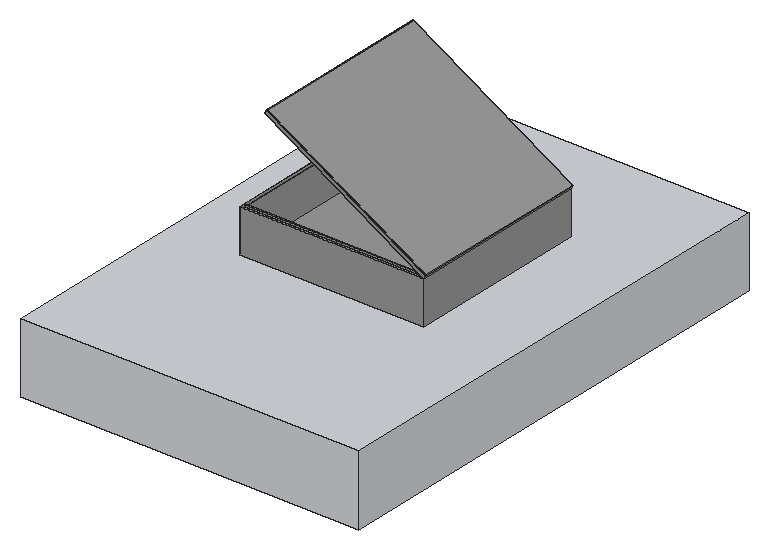
Revit family "Hager-Univers-IP54-D205-H800-Cl.I-Encl-CH-it", category Equipement électrique, Revit 2020
Family settings
  Hôte = Face
  Configuration du panneau = Deux colonnes, circuits au sein
  Cote de connecteur circulaire = Utiliser le diamètre
  Type d'élément = Tableau de raccordement
  Couper avec des vides une fois chargée = Non
  Partagée = Non
  Point de calcul de pièce = Non
Parameters (values of type "A parete IP54 L800 A800 P205  - FP53TW2")
  Width Control [instance] = if([EF000008 - Larghezza] > Min Width, [EF000008 - Larghezza], Min Width)  # 800 mm
  Commentaires du type = [HG000003 - Gamma]  # "Univers"
  Thickness Door [instance] = if([EF009171 - spessore materiale porta/coperchio] > 3 mm, 3 mm, [EF009171 - spessore materiale porta/coperchio])  # 1 mm
  Seal Frame Offset [instance] = 17 mm  # constant formula
  Plinth Visibility [instance] = [HG000027 - Altezza dello zoccolo] > 0 mm  # no
  Model = ""
  Min Width [instance] = 100 mm  # constant formula
  Min Height [instance] = 100 mm  # constant formula
  Min Depth [instance] = (2 * [EF009170 - spessore materiale scatola]) + 1 mm  # 3 mm
  Internal Frame Depth [instance] = (Door System Depth * 0.5)  # 9 mm
  Height Control [instance] = if([EF000040 - Altezza] > Min Height, [EF000040 - Altezza], Min Height)  # 800 mm
  HG000027 - Altezza dello zoccolo = 0 mm
  HG000026 - A pavimento = no
  HG000024 - Altezza della sezione inferiore = 800 mm
  HG000023 - Custodia a doppia sezione = no
  HG000016 - Visibilità delle porte nella vista 3D [instance] = yes
  HG000015 - Visibilità attraverso la porta [instance] = no
  HG000014 - Porta destra [instance] = yes
  HG000013 - Porta sinistra [instance] = not([HG000014 - Porta destra])  # no
  HG000012 - Angolo di apertura della porta [instance] = 30.00°
  HG000010 - Porte asimmetriche = no
  HG000009 - Porta doppia a battente = no
  HG000006 - Ad incasso = no
  HG000004 - Codice produttore = "FP53TW2"
  HG000003 - Gamma = "Univers"
  HG000002 - Con porta = yes
  Frame Offset Bottom [instance] = 10 mm  # constant formula
  Frame Offset [instance] = 15 mm  # constant formula
  EF015940 - Coprire con rilascio di sovrapressione = no
  EF011959 - tipo di protezione (NEMA) = ""
  EF009554 - numero delle aperture per la piastra della flangia = 6
  Fabricant = "Hager"  # constant formula
  EF009212 - esecuzione coperchio = "EV000116 - chiuso"
  EF009171 - spessore materiale porta/coperchio = 1 mm
  EF009170 - spessore materiale scatola = 1 mm
  EF008873 - corrente nominale (In) = 250 A
  EF007800 - adatto per parafulmine = no
  EF006306 - con serratura = no
  EF006244 - coperchio/porta trasparente = no
  EF005474 - grado di protezione (IP) = "EV006419 - IP54"
  EF004464 - tipo di porta = "EV002646 - singolo"
  EF004427 - numero di moduli = 180
  EF004293 - resistenza agli urti = "EV006815 - IK09"
  EF003532 - adatto per uso esterno = no
  EF002950 - Numero moduli DIN = 36
  EF001613 - Integrità del circuito = "EV000494 - senza"
  EF001596 - Attacco Lampada = "EV000179 - acciaio"
  EF001131 - profondità interna = 205 mm
  EF001088 - possibilità di applicazione = yes
  EF000437 - numero di ingressi per conduttori = 6
  EF000339 - tipo di copertura = "EV001012 - coperchio"
  EF000266 - numero di file = 5
  EF000218 - profondità di incasso = 205 mm
  EF000118 - con piastra di montaggio = no
  EF000116 - numero RAL = "9010"
  EF000049 - profondità = 205 mm
  EF000040 - Altezza = 800 mm
  EF000008 - Larghezza = 800 mm
  EF000007 - colore = "EV000202 - bianco"
  EF000003 - Tipo di montaggio = "EV000384 - A parete"
  Door System Leaf Tolerance [instance] = 1.5 mm  # constant formula
  Door System Depth [instance] = 18 mm  # constant formula
  Door Height [instance] = Height Control - [HG000027 - Altezza dello zoccolo]  # 800 mm
  Depth Control [instance] = if([EF000049 - profondità] > Min Depth, [EF000049 - profondità], Min Depth)  # 205 mm
  Default Elevation = 0 mm
  Connector Offset [instance] = Height Control / 2  # 400 mm
  Bottom Top Plate Trim [instance] = 1.5 mm  # constant formula
  Plinth height Ctrl [instance] = if([HG000027 - Altezza dello zoccolo] > 0 mm, [HG000027 - Altezza dello zoccolo], 12 mm)  # 12 mm
Types (5, lengths in mm): name | Width Control | HG000004 - Codice produttore | EF009554 - numero delle aperture per la piastra della flangia | EF004464 - tipo di porta | EF004427 - numero di moduli | EF002950 - Numero moduli DIN | EF000437 - numero di ingressi per conduttori | EF000008 - Larghezza
  A parete IP54 L1050 A800 P205  - FP54TW2 | 1050 | "FP54TW2" | 8 | "EV003602 - doppio" | 240 | 48 | 8 | 1050
  A parete IP54 L1300 A800 P205  - FP55TW2 | 1300 | "FP55TW2" | 10 | "EV003602 - doppio" | 300 | 60 | 10 | 1300
  A parete IP54 L300 A800 P205  - FP51TW2 | 300 | "FP51TW2" | 2 | "EV002646 - singolo" | 60 | 12 | 2 | 300
  A parete IP54 L550 A800 P205  - FP52TW2 | 550 | "FP52TW2" | 4 | "EV002646 - singolo" | 120 | 24 | 4 | 550
  A parete IP54 L800 A800 P205  - FP53TW2 | 800 | "FP53TW2" | 6 | "EV002646 - singolo" | 180 | 36 | 6 | 800
Reference planes
  plane 1 "Center (Front/Back)": y = 0
  plane 2: z = 0
  plane 3 "Center (Left/Right)": x = 0
  plane 4: z = 205
  plane 5: y = 1
  plane 6: y = 400
  plane 7: y = 0
  plane 8: y = 800
  plane 9: z = 0
  plane 10: x = -385
  plane 11: x = 385
  plane 12: x = 384
  plane 13: x = -384
  plane 14: y = 799
  plane 15: x = -383
  plane 16: x = -400
  plane 17: x = 383
  plane 18: x = 400
  plane 19: x = 399
  plane 20: x = -399
  plane 21: y = 11
  plane 22: y = 800
  plane 23: y = 784
  plane 24: z = 187
  plane 25: z = 1
  plane 26: z = 186
  plane 27: z = 204
Forms (mm)
  Extrusion 1, solid
    sketch origin (0, 0, 0) x (1, 0, 0) y (0, 1, 0)
      loop
        line (-702.964, 1305) -> (-702.964, -811.445) -> (766.763, -811.445) -> (766.763, 1305) -> (-702.964, 1305)
    from 0 to -304.8
  Extrusion 2, solid, material "Hager_Steel_RAL7035_Light_Grey", visible <- "Plinth Visibility", detail levels medium+fine
    sketch origin (0, 0, 0) x (1, 0, 0) y (0, 1, 0)
      loop
        line (-400, 0) -> (400, 0) -> (400, 12) -> (-400, 12) -> (-400, 0)
    from 0 to 187
  Extrusion 3, solid, material "Hager_Steel_RAL7035_Light_Grey", detail levels medium+fine
    sketch origin (0, 0, 0) x (1, 0, 0) y (0, 1, 0)
      loop
        line (-400, 0) -> (400, 0) -> (400, 800) -> (-400, 800) -> (-400, 0)
    from 0 to 187
  Extrusion 4, void
    sketch origin (0, 0, 0) x (1, 0, 0) y (0, 1, 0)
      loop
        line (-399, 1) -> (399, 1) -> (399, 799) -> (-399, 799) -> (-399, 1)
    from 1 to 186
  Extrusion 5, void
    sketch origin (-381.607, -4572, 187) x (0, -1, 0) y (-1, 0, 0)
      loop
        line (-4583, 2.393) -> (-5356, 2.393) -> (-5356, -765.607) -> (-4583, -765.607) -> (-4583, 2.393)
    from 0 to 1 <- "EF009170 - spessore materiale scatola"
  Extrusion 6, solid, material "Hager_Steel_RAL7035_Light_Grey", detail levels fine
    sketch origin (0, 0, 187) x (1, 0, 0) y (0, 1, 0)
      loop
        line (-384, 784) -> (-384, 11) -> (384, 11) -> (384, 784) -> (-384, 784)
      loop
        line (-385, 10) -> (385, 10) -> (385, 785) -> (-385, 785) -> (-385, 10)
    from 0 to 9 <- "Internal Frame Depth"
  Extrusion 7, solid, material "Hager_Steel_RAL7035_Light_Grey", detail levels coarse
    sketch origin (0, 0, 0) x (1, 0, 0) y (0, 1, 0)
      loop
        line (-400, 0) -> (400, 0) -> (400, 800) -> (-400, 800) -> (-400, 0)
    from 0 to 205
  Sweep 8, void
    path in 3D
      loop
        line (-400, 12, 0) -> (400, 12, 0) -> (400, 12, 187) -> (-400, 12, 187) -> (-400, 12, 0)
    profile origin (-400, 12, 93.5) x (-1, 0, 0) y (0, -1, 0)
      loop
        line (0, 0) -> (0, 1.5) -> (-1.5, 1.5)
        arc (-1.5, 1.5) -> (-1.061, 0.439) -> (0, 0) r 1.5
Cuts and joins
  Extrusion 4, Extrusion 5 cuts Extrusion 3
  Sweep 8 cuts Extrusion 2
Lines and regions (mm)
  Masking region 1
    outline origin (0, 0, 0) x (1, 0, 0) y (0, 0, 1)
      loop
        line (-400, 205) -> (-400, 0) -> (400, 0) -> (400, 205) -> (-400, 205)
  Masking region 2, detail levels medium+fine
    outline origin (0, 140, 0) x (0, 1, 0) y (0, 0, 1)
      loop
        line (-140, 0) -> (660, 0) -> (660, 187) -> (-140, 187) -> (-140, 0)
  Masking region 3, not visible, detail levels medium+fine
    outline origin (0, 297.922, 0) x (0, 1, 0) y (0, 0, 1)
      loop
        line (113.578, 0) -> (153.578, 0) -> (153.578, 194)
        arc (153.578, 194) -> (150.649, 201.071) -> (143.578, 204) r 10
        line (143.578, 204) -> (113.578, 204) -> (113.578, 0)
  Masking region 4, detail levels coarse
    outline origin (0, 0, 180) x (0, 1, 0) y (0, 0, 1)
      loop
        line (0, -180) -> (800, -180) -> (800, 25) -> (0, 25) -> (0, -180)
  Masking region 5, visible <- "Plinth Visibility", detail levels medium+fine
    outline origin (0, 52.24, 12.345) x (0, 0, -1) y (0, 1, 0)
      loop
        line (10.845, -40.24) -> (-173.155, -40.24)
        arc (-173.155, -40.24) -> (-173.594, -41.301) -> (-174.655, -41.74) r 1.5
        line (-174.655, -41.74) -> (-174.655, -52.24) -> (12.345, -52.24) -> (12.345, -41.74)
        arc (12.345, -41.74) -> (11.285, -41.301) -> (10.845, -40.24) r 1.5
  Masking region 6, detail levels medium+fine
    outline origin (-381.607, -4572, 187) x (-1, 0, 0) y (0, -1, 0)
      loop
        line (18.393, -5372) -> (18.393, -4572) -> (-781.607, -4572) -> (-781.607, -5372) -> (18.393, -5372)
  Masking region 7, visible <- "Plinth Visibility", detail levels medium+fine
    outline origin (-381.607, -4727, 187) x (-1, 0, 0) y (0, -1, 0)
      loop
        arc (16.893, -4739) -> (17.332, -4737.939) -> (18.393, -4737.5) r 1.5
        line (18.393, -4737.5) -> (18.393, -4727) -> (-781.607, -4727) -> (-781.607, -4737.5)
        arc (-781.607, -4737.5) -> (-780.546, -4737.939) -> (-780.107, -4739) r 1.5
        line (-780.107, -4739) -> (16.893, -4739)
  Masking region 8, detail levels coarse
    outline origin (-442.548, -4669.526, 187) x (-1, 0, 0) y (0, -1, 0)
      loop
        line (-42.548, -5469.526) -> (-42.548, -4669.526) -> (-842.548, -4669.526) -> (-842.548, -5469.526) -> (-42.548, -5469.526)
  sketch lines
    curve 1: line (-400, 12, 187) -> (-400, 12, 0)
    curve 2: line (400, 12, 187) -> (-400, 12, 187)
    curve 3: line (400, 12, 187) -> (400, 12, 0)
    curve 4: line (-400, 12, 0) -> (400, 12, 0)
Dimensions and locks
  "Depth Control": plane 4 to Extrusion 1
  "HG000027 - Altezza dello zoccolo": plane 1 "Center (Front/Back)" to plane 7
  "EF009170 - spessore materiale scatola": plane 5 to plane 7
  locked: connector elem to plane 3 "Center (Left/Right)"
  equal spacing: plane 8, plane 6, plane 7
  locked: connector elem to plane 6
  "EF009170 - spessore materiale scatola": plane 8 to plane 14
  "EF009170 - spessore materiale scatola": plane 10 to plane 13
  "EF009170 - spessore materiale scatola": plane 12 to plane 11
  "Frame Offset": plane 20 to plane 13
  "Frame Offset": plane 12 to plane 19
  "EF009170 - spessore materiale scatola": plane 16 to plane 20
  "EF009170 - spessore materiale scatola": plane 19 to plane 18
  "Seal Frame Offset": plane 16 to plane 15
  "Seal Frame Offset": plane 17 to plane 18
  "Frame Offset Bottom": plane 21 to plane 5
  "Frame Offset": plane 14 to plane 23
  equal spacing: plane 16, plane 3 "Center (Left/Right)", plane 18
  "Width Control": plane 16 to plane 18
  "EF009170 - spessore materiale scatola": plane 4 to plane 27
  "EF009170 - spessore materiale scatola": plane 24 to plane 26
  "EF009170 - spessore materiale scatola": plane 25 to level
  "Door System Depth": plane 4 to plane 24
  "Height Control": plane 1 "Center (Front/Back)" to Extrusion 7 sketch curve
  "Height Control": Masking region 4 sketch curve to plane 1 "Center (Front/Back)"
  "Height Control": plane 1 "Center (Front/Back)" to plane 22
  "Bottom Top Plate Trim": profile plane to Sweep 8 sketch curve
  "Bottom Top Plate Trim": Sweep 8 sketch curve to profile plane
  "Plinth height Ctrl": plane 1 "Center (Front/Back)" to Extrusion 2 sketch curve
  "Plinth height Ctrl": Masking region 5 sketch curve to plane 1 "Center (Front/Back)"
  "Plinth height Ctrl": plane 1 "Center (Front/Back)" to Masking region 7 sketch curve
  "Thickness Door": Extrusion 6 sketch curve to Extrusion 6 sketch curve  (x3)
  "Thickness Door": cut or joined group of Extrusion 3, Extrusion 4, Extrusion 5 to Extrusion 6 sketch curve
  radius of Masking region 3 sketch curve = 10 mm
  "Bottom Top Plate Trim": radius of Masking region 5 sketch curve  (x2)
  "Bottom Top Plate Trim": radius of Sweep 8 sketch curve
  "Bottom Top Plate Trim": radius of Masking region 7 sketch curve  (x2)
  aligned and locked: plane 2 to Extrusion 1
  aligned and locked: level to Extrusion 1
  aligned and locked: level to Masking region 1 sketch curve
  aligned and locked: Masking region 1 sketch curve to plane 18
  aligned and locked: Masking region 1 sketch curve to plane 16
  aligned and locked: plane 7 to Masking region 2 sketch curve
  aligned and locked: level to Masking region 3 sketch curve
  aligned and locked: Masking region 3 sketch curve to plane 27
  aligned and locked: level to Masking region 2 sketch curve
  aligned and locked: plane 1 "Center (Front/Back)" to Extrusion 2 sketch curve
  aligned and locked: Extrusion 3 sketch curve to plane 7
  aligned and locked: plane 16 to Extrusion 3 sketch curve
  aligned and locked: plane 18 to Extrusion 3 sketch curve
  aligned and locked: plane 20 to Extrusion 4 sketch curve
  aligned and locked: plane 19 to Extrusion 4 sketch curve
  aligned and locked: Extrusion 4 sketch curve to plane 5
  aligned and locked: Extrusion 4 to plane 25
  aligned and locked: plane 26 to Extrusion 4
  aligned and locked: plane 24 to Extrusion 3
  aligned and locked: Extrusion 5 sketch curve to plane 21
  aligned and locked: Extrusion 5 sketch curve to plane 13
  aligned and locked: Extrusion 5 sketch curve to plane 12
  aligned and locked: plane 18 to Extrusion 7 sketch curve
  aligned and locked: plane 1 "Center (Front/Back)" to Extrusion 7 sketch curve
  aligned and locked: plane 16 to Extrusion 7 sketch curve
  aligned and locked: plane 4 to Extrusion 7
  aligned and locked: Extrusion 7 to level
  aligned and locked: level to Masking region 4 sketch curve
  aligned and locked: Masking region 4 sketch curve to plane 1 "Center (Front/Back)"
  aligned and locked: Masking region 4 sketch curve to plane 4
  aligned and locked: nested 1 to level
  aligned and locked: nested 1 to plane 16
  aligned and locked: plane 8 to Extrusion 3 sketch curve
  aligned and locked: plane 23 to Extrusion 5 sketch curve
  aligned and locked: plane 14 to Extrusion 4 sketch curve
  aligned and locked: Masking region 2 sketch curve to plane 8
  aligned and locked: level to Masking region 5 sketch curve
  aligned and locked: plane 16 to Extrusion 2 sketch curve
  aligned and locked: plane 18 to Extrusion 2 sketch curve
  aligned and locked: Masking region 5 sketch curve to plane 24
  aligned and locked: Masking region 2 sketch curve to plane 24
  aligned and locked: plane 24 to Extrusion 2
  aligned and locked: profile plane to Sweep 8 sketch curve  (x2)
  aligned and locked: Masking region 6 sketch curve to plane 18
  aligned and locked: Masking region 6 sketch curve to plane 22
  aligned and locked: Masking region 6 sketch curve to plane 16
  aligned and locked: plane 8 to plane 22
  aligned and locked: Masking region 6 sketch curve to plane 7
  aligned and locked: Masking region 7 sketch curve to plane 16
  aligned and locked: Masking region 7 sketch curve to plane 1 "Center (Front/Back)"
  aligned and locked: Masking region 7 sketch curve to plane 18
  aligned and locked: Masking region 8 sketch curve to plane 1 "Center (Front/Back)"
  aligned and locked: Masking region 8 sketch curve to plane 18
  aligned and locked: Masking region 8 sketch curve to plane 22
  aligned and locked: Masking region 8 sketch curve to plane 16
  aligned and locked: nested 2 to plane 7
  aligned and locked: plane 3 "Center (Left/Right)" to nested 2
  aligned and locked: nested 2 to plane 24
  aligned and locked: Extrusion 6 sketch curve to cut or joined group of Extrusion 3, Extrusion 4, Extrusion 5  (x4)
Automatic sketch dimensions
  Extrusion 1 sketch curve to Extrusion 1 sketch curve = 1469.727 mm
  Extrusion 1 sketch curve to Extrusion 1 sketch curve = 2116.445 mm
  Masking region 1 sketch curve to plane 4 = 0 mm
  plane 6 to Masking region 3 sketch curve = 11.5 mm
  Masking region 3 sketch curve to Masking region 3 sketch curve = 30 mm
  Masking region 5 sketch curve to plane 1 "Center (Front/Back)" = 0 mm
Nested families
  nested 1: "Hager_Enclosure_Symbol" at (-400, 0, 0) x (1, 0, 0) z (0, -1, 0), Height <- "Depth Control", Width <- "Width Control", type "Hager_Enclosure_Symbol"
    with Width_Ctrl 800 mm, Width 800 mm, Height_Ctrl 205 mm, Height 205 mm, A_Width_Int 13.453 mm, A_Width 161.438 mm, A_Height_Ctrl 179.375 mm, A_Height 179.375 mm
  nested 2: "EC000058_Univers_Door" at (0, 0, 187) x (1, 0, 0) z (0, 1, 0), Leaf_Tolerance <- "Door System Leaf Tolerance", Angle <- "HG000012 - Angolo di apertura della porta", Door_Depth <- "Door System Depth", Door_Left <- "HG000013 - Porta sinistra", Transparent <- "EF006244 - coperchio/porta trasparente", Assymetrical <- "HG000010 - Porte asimmetriche", Width <- "Width Control", Clearance <- "HG000015 - Visibilità attraverso la porta", Double <- "HG000009 - Porta doppia a battente", 3d_Door <- "HG000016 - Visibilità delle porte nella vista 3D", Lock_Visibility <- "EF006306 - con serratura", Width_Ctrl <- "Width Control", Door_Right <- "HG000014 - Porta destra", Door <- "HG000002 - Con porta", Height <- "Door Height", Thickness <- "Thickness Door", type "EC000058_Univers_Door", detail levels medium+fine
    with min_wh 3 mm, Width_Ctrl 800 mm, Width 800 mm, Transparent no, Thickness 1 mm, Seal_Material Hager_Rubber, Lock_Visibility no, Lock_Material Hager_Plastic_RAL9005_Jet_Black, Leaf_Width 800 mm, Leaf_Tolerance_External_Sides 0 mm, Leaf_Tolerance 1.5 mm, Leaf_Offset 0 mm, Leaf_Height 797 mm, Leaf_2_Width 800 mm, Leaf_2_Offset 400 mm, Leaf_1_Width 800 mm, Leaf_1_Offset 400 mm, Height_Ctrl 800 mm, Height 800 mm, Glass_Material Hager_Glass, Double_Clearance_Ctrl no, Double no, Door_Right_Ctrl yes, Door_Right yes, Door_Material Hager_Steel_RAL7035_Light_Grey, Door_Left_Ctrl no, Door_Left no, Door_Depth 18 mm, Door yes, Clearance_Material Hager_Clearance, Clearance_Depth 800 mm, Clearance_Ctrl no, Clearance no, Assymetrical no, Angle 30.00°, 3d_Door yes
Connectors
  electrical at (0, 400, 0)
    settings: on plane 9, index 1, voltage 0 V, apparent load 0 VA, apparent load phase1 0 VA, apparent load phase2 0 VA, apparent load phase3 0 VA, power factor 1, load classification "Other", number of poles 1, system type 30, power factor state 1, is connector primary yes, connector utility no, sub classification motor no, connector description ""
Definition of nested family "EC000058_Univers_Door"
  Parameters (values of type "EC000058_Univers_Door")
    min_wh [instance] = (2 * Thickness) + 1 mm  # 11 mm
    Width_Ctrl [instance] = 400 mm
    Width [instance] = 500 mm
    Transparent [instance] = yes
    Thickness [instance] = 5 mm
    Seal_Material [instance] = none
    Lock_Visibility [instance] = yes
    Lock_Material [instance] = none
    Leaf_Width [instance] = if((Width_Ctrl - 2 * Leaf_Tolerance_External_Sides) > 0 mm, (Width_Ctrl - 2 * Leaf_Tolerance_External_Sides), min_wh)  # 400 mm
    Leaf_Tolerance_External_Sides [instance] = 0 mm  # constant formula
    Leaf_Tolerance [instance] = 1.5 mm
    Leaf_Offset [instance] = 0 mm  # constant formula
    Leaf_Height [instance] = if((Height_Ctrl - 2 * Leaf_Tolerance) > 0 mm, (Height_Ctrl - 2 * Leaf_Tolerance), min_wh)  # 497 mm
    Leaf_2_Width [instance] = if(and(and(Double, Assymetrical), Door_Left), (Leaf_Width / 3) - (Leaf_Tolerance / 2), if(and(and(Double, Assymetrical), Door_Right), (Leaf_Width / 3) * 2 - (Leaf_Tolerance / 2), if(and(Double, not(Assymetrical)), (Leaf_Width / 2) - Leaf_Tolerance, Leaf_Width)))  # 400 mm
    Leaf_2_Offset [instance] = if(and(Double, Assymetrical), Leaf_2_Width / 2, if(and(Double, not(Assymetrical)), Leaf_Width / 4, Leaf_Width / 2))  # 200 mm
    Leaf_1_Width [instance] = if(and(and(Double, Assymetrical), Door_Right), (Leaf_Width / 3) - (Leaf_Tolerance / 2), if(and(and(Double, Assymetrical), Door_Left), (Width / 3) * 2 - (Leaf_Tolerance / 2), if(and(Double, not(Assymetrical)), (Leaf_Width / 2) - Leaf_Tolerance, Leaf_Width)))  # 400 mm
    Leaf_1_Offset [instance] = if(and(Double, Assymetrical), Leaf_1_Width / 2, if(and(Double, not(Assymetrical)), Leaf_Width / 4, Leaf_Width / 2))  # 200 mm
    Height_Ctrl [instance] = if(Height > min_wh, Height, min_wh)  # 500 mm
    Height [instance] = 500 mm
    Glass_Material [instance] = none
    Double_Clearance_Ctrl [instance] = and(Double, Clearance)  # no
    Double [instance] = no
    Door_Right_Ctrl [instance] = and(or(Door_Right, Double), Door)  # yes
    Door_Right [instance] = yes
    Door_Material [instance] = none
    Door_Left_Ctrl [instance] = and(or(Door_Left, Double), Door)  # no
    Door_Left [instance] = no
    Door_Depth [instance] = 30 mm
    Door [instance] = yes
    Default Elevation = 1219.2 mm
    Clearance_Material [instance] = none
    Clearance_Depth [instance] = if(Leaf_1_Width > Leaf_2_Width, Leaf_1_Width, Leaf_2_Width)  # 400 mm
    Clearance_Ctrl [instance] = and(not(Double), Clearance)  # yes
    Clearance [instance] = yes
    Assymetrical [instance] = yes
    Angle [instance] = 30.00°
    3d_Door [instance] = yes
  Reference planes
    plane 1 "Center (Front/Back)": y = 0
    plane 2 "Bottom": z = 0
    plane 3 "Center (Left/Right)": x = 0
    plane 4: z = 500
    plane 5: x = -200
    plane 6: x = 200
    plane 7: z = 500
    plane 8: x = -200
    plane 9: z = 0
    plane 10: x = 200
    plane 11: y = 0
    plane 12: z = 1.5
    plane 13: x = -600
    plane 14: y = -400
    plane 15: x = 600
    plane 16: x = 0
    plane 17: x = 0
    plane 18: x = -200
    plane 19: x = 200
    plane 20: z = 498.5
  Forms (mm)
    Extrusion 1, solid, material <- "Clearance_Material", visible <- "Double_Clearance_Ctrl"
      sketch origin (1200, 0, 0) x (1, 0, 0) y (0, 0, -1)
        loop
          line (-1800, -498.5) -> (-600, -498.5) -> (-600, 0) -> (-1800, 0) -> (-1800, -498.5)
      from 0 to -400
  Dimensions and locks
    equal spacing: plane 5, plane 3 "Center (Left/Right)", plane 6
    "Width_Ctrl": plane 5 to plane 6
    "Leaf_Offset": plane 5 to plane 8
    "Leaf_Offset": plane 6 to plane 10
    "Leaf_Offset": plane 9 to level
    "Leaf_Offset": plane 4 to plane 7
    "Height_Ctrl": plane 4 to level
    "Leaf_Tolerance": plane 12 to plane 9
    locked: plane 11 to plane 1 "Center (Front/Back)"
    "Leaf_1_Offset": plane 18 to plane 16
    "Leaf_2_Offset": plane 17 to plane 19
    "Leaf_1_Width": plane 13 to plane 8
    "Leaf_2_Width": plane 10 to plane 15
    "Clearance_Depth": plane 14 to plane 1 "Center (Front/Back)"
    "Leaf_Tolerance_External_Sides": plane 8 to plane 18
    "Leaf_Tolerance_External_Sides": plane 19 to plane 10
    "Leaf_Tolerance": plane 7 to plane 20
    aligned and locked: level to plane 2 "Bottom"
    aligned and locked: nested 1 to plane 16
    aligned and locked: nested 2 to plane 17
    aligned and locked: Extrusion 1 to plane 13
    aligned and locked: plane 15 to Extrusion 1
    aligned and locked: Extrusion 1 to plane 14
    aligned and locked: plane 12 to nested 1
    aligned and locked: nested 2 to plane 12
    aligned and locked: Extrusion 1 to plane 11
    aligned and locked: plane 20 to Extrusion 1
    aligned and locked: nested 2 to plane 11
    aligned and locked: nested 1 to plane 11
  Automatic sketch dimensions
    Extrusion 1 sketch curve to level = 0 mm
    plane 5 to Extrusion 1 sketch curve = 400 mm
    plane 6 to Extrusion 1 sketch curve = 400 mm
    Extrusion 1 sketch curve to plane 4 = 1.5 mm
  Nested families
    nested 1: "EC000058_Univers_Door_Leaf" at (0, 0, 1.5), Width <- "Leaf_1_Width", visible <- "Door_Left_Ctrl", Leaf_Height <- "Leaf_Height", Angle <- "Angle", 3d_Door <- "3d_Door", Transparent <- "Transparent", Clearance Material <- "Clearance_Material", Clearance <- "Clearance_Ctrl", Door_Material <- "Door_Material", Glass_Material <- "Glass_Material", Door_Depth <- "Door_Depth", Lock_Material <- "Lock_Material", Seal_Material <- "Seal_Material", Lock_Visibility <- "Lock_Visibility", Thickness <- "Thickness", type "EC000058_Univers_Door_Leaf"
      with Width 400 mm, Transparent_Glass_Offset 30 mm, Transparent_Ctrl yes, Transparent yes, Thickness 5 mm, Standard no, Seal_Material none, Seal_D2 8 mm, Seal_D1 1 mm, Offset_Internal_Frame 10 mm, Lock_Width 20 mm, Lock_Visibility_3d yes, Lock_Visibility yes, Lock_Thickness_3 3 mm, Lock_Thickness_2 1 mm, Lock_Thickness_1 3 mm, Lock_Radius_Offset_2 16 mm, Lock_Radius_Offset_1 15 mm, Lock_Radius_2 5 mm, Lock_Radius 6 mm, Lock_Offset 5 mm, Lock_Material none, Lock_Height 80 mm, Lock_Cover_Top_Offset_2d 17 mm, Lock_Cover_Height -65 mm, Leaf_Height 497 mm, Internal_Seal_Thickness 8 mm, Internal_Seal_Depth_2 4.5 mm, Internal_Frame_Depth 25 mm, Glass_Thickness -1 mm, Glass_Offset -2 mm, Glass_Material none, Door_Material none, Door_Depth 30 mm, Clearance Material none, Clearance yes, Angle_Ctrl 30.00°, Angle 30.00°, 3d_Door yes
    nested 2: "EC000058_Univers_Door_Leaf" at (0, 0, 1.5) x (-1, 0, 0) z (0, 0, 1), Width <- "Leaf_2_Width", visible <- "Door_Right_Ctrl", Leaf_Height <- "Leaf_Height", Angle <- "Angle", 3d_Door <- "3d_Door", Transparent <- "Transparent", Clearance Material <- "Clearance_Material", Clearance <- "Clearance_Ctrl", Door_Material <- "Door_Material", Glass_Material <- "Glass_Material", Door_Depth <- "Door_Depth", Lock_Material <- "Lock_Material", Seal_Material <- "Seal_Material", Lock_Visibility <- "Lock_Visibility", Thickness <- "Thickness", type "EC000058_Univers_Door_Leaf"
      with Width 400 mm, Transparent_Glass_Offset 30 mm, Transparent_Ctrl yes, Transparent yes, Thickness 5 mm, Standard no, Seal_Material none, Seal_D2 8 mm, Seal_D1 1 mm, Offset_Internal_Frame 10 mm, Lock_Width 20 mm, Lock_Visibility_3d yes, Lock_Visibility yes, Lock_Thickness_3 3 mm, Lock_Thickness_2 1 mm, Lock_Thickness_1 3 mm, Lock_Radius_Offset_2 16 mm, Lock_Radius_Offset_1 15 mm, Lock_Radius_2 5 mm, Lock_Radius 6 mm, Lock_Offset 5 mm, Lock_Material none, Lock_Height 80 mm, Lock_Cover_Top_Offset_2d 17 mm, Lock_Cover_Height -65 mm, Leaf_Height 497 mm, Internal_Seal_Thickness 8 mm, Internal_Seal_Depth_2 4.5 mm, Internal_Frame_Depth 25 mm, Glass_Thickness -1 mm, Glass_Offset -2 mm, Glass_Material none, Door_Material none, Door_Depth 30 mm, Clearance Material none, Clearance yes, Angle_Ctrl 30.00°, Angle 30.00°, 3d_Door yes
  Definition of nested family "EC000058_Univers_Door_Leaf"
    Parameters (values of type "EC000058_Univers_Door_Leaf")
      Width [instance] = 2000 mm
      Transparent_Glass_Offset [instance] = 30 mm
      Transparent_Ctrl [instance] = and(Transparent, [3d_Door])  # yes
      Transparent [instance] = yes
      Thickness [instance] = 5 mm
      Standard [instance] = and(not(Transparent), [3d_Door])  # no
      Seal_Material [instance] = none
      Seal_D2 [instance] = 8 mm  # constant formula
      Seal_D1 [instance] = 1 mm  # constant formula
      Offset_Internal_Frame [instance] = 10 mm  # constant formula
      Lock_Width [instance] = 20 mm  # constant formula
      Lock_Visibility_3d [instance] = and(Lock_Visibility, [3d_Door])  # yes
      Lock_Visibility [instance] = yes
      Lock_Thickness_3 [instance] = 3 mm  # constant formula
      Lock_Thickness_2 [instance] = 1 mm  # constant formula
      Lock_Thickness_1 [instance] = 3 mm  # constant formula
      Lock_Radius_Offset_2 [instance] = Lock_Radius_Offset_1 + 1 mm  # 16 mm
      Lock_Radius_Offset_1 [instance] = 15 mm  # constant formula
      Lock_Radius_2 [instance] = Lock_Radius - 1 mm  # 5 mm
      Lock_Radius [instance] = 6 mm  # constant formula
      Lock_Offset [instance] = 5 mm  # constant formula
      Lock_Material [instance] = none
      Lock_Height [instance] = 80 mm  # constant formula
      Lock_Cover_Top_Offset_2d [instance] = Lock_Radius_Offset_2 + 1 mm  # 17 mm
      Lock_Cover_Height [instance] = -(Lock_Height - Lock_Radius_Offset_1)  # -65 mm
      Leaf_Height [instance] = 2720.336 mm
      Internal_Seal_Thickness [instance] = 8 mm  # constant formula
      Internal_Seal_Depth_2 [instance] = 4.5 mm  # constant formula
      Internal_Frame_Depth [instance] = if(Door_Depth - Thickness > 5 mm, Door_Depth - Thickness, 5 mm)  # 25 mm
      Glass_Thickness [instance] = if(Thickness > 15 mm, Glass_Offset + 10 mm, -1 mm)  # -1 mm
      Glass_Offset [instance] = if(Thickness > 15 mm, -(Thickness + 10 mm) / 2, -2 mm)  # -2 mm
      Glass_Material [instance] = none
      Door_Material [instance] = none
      Door_Depth [instance] = 30 mm
      Default Elevation = 0 mm
      Clearance Material [instance] = none
      Clearance [instance] = yes
      Angle_Ctrl [instance] = if(Angle > 180.00°, 180.00°, Angle)  # 90.00°
      Angle [instance] = 90.00°
      3d_Door [instance] = yes
    Reference planes
      plane 1 "Center (Front/Back)": y = 0
      plane 2: z = 0
      plane 3 "Center (Left/Right)": x = 0
      plane 4: y = 2000
      plane 5: x = -1000
      plane 6: x = 1000
      plane 7: x = -3000
      plane 8: z = 2720.336
      plane 9: z = 30
      plane 10: z = 2690.336
      plane 11: x = 970
      plane 12: x = -970
      plane 13: y = -3
      plane 14: z = 107.833
      plane 15: y = -5
      plane 16: y = -223.314
      plane 17: x = -1000
      plane 18: z = 1360.168
      plane 19: y = 30
    Forms (mm)
      Extrusion 1, solid, material <- "Clearance Material", visible <- "Clearance"
        sketch origin (0, 0, 0) x (1, 0, 0) y (0, 0, 1)
          loop
            line (-3000, 2720.336) -> (-3000, 0) -> (1000, 0) -> (1000, 2720.336) -> (-3000, 2720.336)
        from 0 to -2000
      Extrusion 2, solid, material <- "Door_Material", visible <- "Standard", detail levels medium+fine
        sketch origin (-1000, 0, 0) x (0, 1, 0) y (-1, 0, 0)
          loop
            line (0, 30) -> (0, 25) -> (2000, 25) -> (2000, 30) -> (0, 30)
        from 0 to 2720.336 <- "Leaf_Height"
      Extrusion 3, solid, material <- "Door_Material", visible <- "Transparent_Ctrl", detail levels medium+fine
        sketch origin (-1000, 0, 0) x (0, 1, 0) y (-1, 0, 0)
          loop
            line (0, 25) -> (2000, 25) -> (2000, 30) -> (0, 30) -> (0, 25)
        from 0 to 2720.336 <- "Leaf_Height"
      Extrusion 4, void
        sketch origin (-1025, 2000, 0) x (0, 1, 0) y (0, 0, -1)
          loop
            line (-30, -2690.336) -> (-30, -30) -> (-1970, -30) -> (-1970, -2690.336) -> (-30, -2690.336)
        from 0 to 5 <- "Thickness"
      Sweep 5, solid, material <- "Seal_Material", visible <- "Transparent_Ctrl", detail levels fine
        path in 3D
          loop
            line (-1025, 30, 30) -> (-1025, 30, 2690.336) -> (-1025, 1970, 2690.336) -> (-1025, 1970, 30) -> (-1025, 30, 30)
        profile origin (-1025, 1000, 30) x (1, 0, 0) y (0, 0, 1)
          loop
            line (0, 0) -> (0, -8) -> (1, -8) -> (1, 0) -> (0, 0)
      Extrusion 6, solid, material <- "Glass_Material", visible <- "Transparent_Ctrl", detail levels medium+fine
        sketch origin (-1030, 0, 0) x (0, 1, 0) y (0, 0, -1)
          loop
            line (1970, -2690.336) -> (1970, -30) -> (30, -30) -> (30, -2690.336) -> (1970, -2690.336)
        from -2 <- "Glass_Offset" to -1 <- "Glass_Thickness"
      Extrusion 7, solid, material <- "Door_Material", visible <- "3d_Door", detail levels medium+fine
        sketch origin (-1025, 2000, 0) x (0, -1, 0) y (0, 0, -1)
          loop
            line (0, -2720.336) -> (2000, -2720.336) -> (2000, 0) -> (0, 0) -> (0, -2720.336)
          loop
            line (1995, -5) -> (5, -5) -> (5, -2715.336) -> (1995, -2715.336) -> (1995, -5)
        from 0 to 25 <- "Internal_Frame_Depth"
      Sweep 8, solid, material <- "Seal_Material", visible <- "Transparent_Ctrl", detail levels fine
        path in 3D
          loop
            line (-1025, 0, 0) -> (-1025, 2000, 0) -> (-1025, 2000, 2720.336) -> (-1025, 0, 2720.336) -> (-1025, 0, 0)
        profile origin (-1025, 0, 1360.168) x (1, 0, 0) y (0, 1, 0)
          loop
            line (0, 10) -> (2.975, 10)
            arc (2.975, 10) -> (4.053, 10.447) -> (4.5, 11.525) r 1.525
            line (4.5, 11.525) -> (4.5, 16.527)
            arc (4.5, 16.527) -> (4.069, 17.569) -> (3.027, 18) r 1.473
            line (3.027, 18) -> (0, 18) -> (0, 10)
      Extrusion 9, solid, material <- "Lock_Material", visible <- "Lock_Visibility_3d", detail levels fine
        sketch origin (-1030, 0, 0) x (0, 1, 0) y (0, 0, -1)
          loop
            arc (1993.5, -1400.168) -> (1994.561, -1399.729) -> (1995, -1398.668) r 1.5
            line (1995, -1398.668) -> (1995, -1320.168) -> (1975, -1320.168) -> (1975, -1398.668)
            arc (1975, -1398.668) -> (1975.439, -1399.729) -> (1976.5, -1400.168) r 1.5
            line (1976.5, -1400.168) -> (1993.5, -1400.168)
        from 3 <- "Lock_Thickness_1" to 0
      Blend 10, solid, material <- "Lock_Material", visible <- "Lock_Visibility_3d", detail levels fine
        base sketch origin (-1033, 0, 0) x (0, 1, 0) y (0, 0, -1)
          loop
            line (1975, -1320.168) -> (1975, -1398.668)
            arc (1975, -1398.668) -> (1975.439, -1399.729) -> (1976.5, -1400.168) r 1.5
            line (1976.5, -1400.168) -> (1993.5, -1400.168)
            arc (1993.5, -1400.168) -> (1994.561, -1399.729) -> (1995, -1398.668) r 1.5
            line (1995, -1398.668) -> (1995, -1320.168) -> (1975, -1320.168)
        top sketch origin (-1033, 0, 0) x (0, 1, 0) y (0, 0, -1)
          loop
            line (1976, -1320.168) -> (1976, -1398.668)
            arc (1976, -1398.668) -> (1976.146, -1399.022) -> (1976.5, -1399.168) r 0.5
            line (1976.5, -1399.168) -> (1993.5, -1399.168)
            arc (1993.5, -1399.168) -> (1993.854, -1399.022) -> (1994, -1398.668) r 0.5
            line (1994, -1398.668) -> (1994, -1320.168) -> (1976, -1320.168)
        from 0 to 1 <- "Lock_Thickness_2"
      Blend 11, solid, material <- "Lock_Material", visible <- "Lock_Visibility_3d", detail levels fine
        base sketch origin (-1034, 0, 0) x (0, 1, 0) y (0, 0, -1)
          loop
            line (1978, -1320.168) -> (1978, -1384.168)
            arc (1978, -1384.168) -> (1985, -1391.168) -> (1992, -1384.168) r 7
            line (1992, -1384.168) -> (1992, -1320.168) -> (1978, -1320.168)
        top sketch origin (-1034, 0, 0) x (0, 1, 0) y (0, 0, -1)
          loop
            line (1991, -1320.168) -> (1979, -1320.168) -> (1979, -1383.168)
            arc (1979, -1383.168) -> (1985, -1389.168) -> (1991, -1383.168) r 6
            line (1991, -1383.168) -> (1991, -1320.168)
        from 0 to 3 <- "Lock_Thickness_3"
      Extrusion 12, solid, material <- "Lock_Material", visible <- "Lock_Visibility_3d", detail levels fine
        sketch origin (-1030, 1975, 1320.168) x (1, 0, 0) y (0, -1, 0)
          loop
            line (-7, -19) -> (-7, -1) -> (0, -1) -> (0, 0) -> (-8, 0) -> (-8, -20) -> (0, -20) -> (0, -19) -> (-7, -19)
        from 0 to -65 <- "Lock_Cover_Height"
      Extrusion 13, void
        sketch origin (-1038, 1995, 1320.168) x (-1, 0, 0) y (0, 0, -1)
          loop
            line (-5, -65) -> (0, -65) -> (-5, -60) -> (-5, -65)
        from 0 to 20 <- "Lock_Width"
      Extrusion 14, void
        sketch origin (-1038, 1975, 1320.168) x (0, -1, 0) y (0, 0, -1)
          loop
            circle (-10, -15.995) r 6
          loop
            circle (-10, -15.995) r 5
        from 0 to 2
      Extrusion 15, solid, material <- "Lock_Material", visible <- "Lock_Visibility_3d", detail levels medium
        sketch origin (-1030, 0, 0) x (0, 1, 0) y (0, 0, -1)
          loop
            arc (1993.5, -1400.168) -> (1994.561, -1399.729) -> (1995, -1398.668) r 1.5
            line (1995, -1398.668) -> (1995, -1320.168) -> (1975, -1320.168) -> (1975, -1398.668)
            arc (1975, -1398.668) -> (1975.439, -1399.729) -> (1976.5, -1400.168) r 1.5
            line (1976.5, -1400.168) -> (1993.5, -1400.168)
        from 8 to 0
    Cuts and joins
      Extrusion 4 cuts Extrusion 3
      Extrusion 13, Extrusion 14 cuts Extrusion 9
      Extrusion 14 cuts Blend 11
      Extrusion 13, Extrusion 14 cuts Extrusion 12
      joined: Extrusion 9, Blend 10, Blend 11, Extrusion 12
      Extrusion 14 cuts Extrusion 15
    Lines and regions (mm)
      Masking region 1, visible <- "Lock_Visibility", detail levels fine
        outline origin (0, 0, 0) x (0, 1, 0) y (0, 0, 1)
          loop
            line (30, 1320.168) -> (33, 1320.168) -> (33, 1400.168) -> (30, 1400.168) -> (30, 1320.168)
      Masking region 2, visible <- "Lock_Visibility", detail levels fine
        outline origin (0, 3.143, 0) x (0, 1, 0) y (0, 0, 1)
          loop
            line (29.857, 1354.168) -> (30.857, 1354.168) -> (30.857, 1366.168) -> (29.857, 1366.168) -> (29.857, 1354.168)
      Masking region 3, detail levels medium+fine
        outline origin (0, 0, 0) x (0, 1, 0) y (0, 0, 1)
          loop
            line (0, 0) -> (30, 0) -> (30, 2720.336) -> (0, 2720.336) -> (0, 0)
      Masking region 4, detail levels medium+fine
        outline origin (0, 0, 0) x (1, 0, 0) y (0, 0, 1)
          loop
            line (-1000, 2720.336) -> (-1000, 0) -> (1000, 0) -> (1000, 2720.336) -> (-1000, 2720.336)
      Masking region 5, visible <- "Lock_Visibility", detail levels fine
        outline origin (-47.116, 0, 0) x (1, 0, 0) y (0, 0, 1)
          loop
            arc (1024.616, 1399.168) -> (1023.556, 1398.729) -> (1023.116, 1397.668) r 1.5
            line (1023.116, 1397.668) -> (1023.116, 1320.168) -> (1041.116, 1320.168) -> (1041.116, 1397.668)
            arc (1041.116, 1397.668) -> (1040.677, 1398.729) -> (1039.616, 1399.168) r 1.5
            line (1039.616, 1399.168) -> (1024.616, 1399.168)
      Masking region 6, visible <- "Lock_Visibility", detail levels medium+fine
        outline origin (-25, 0, 0) x (1, 0, 0) y (0, 0, 1)
          loop
            arc (1001.5, 1400.168) -> (1000.439, 1399.729) -> (1000, 1398.668) r 1.5
            line (1000, 1398.668) -> (1000, 1320.168) -> (1020, 1320.168) -> (1020, 1398.668)
            arc (1020, 1398.668) -> (1019.561, 1399.729) -> (1018.5, 1400.168) r 1.5
            line (1018.5, 1400.168) -> (1001.5, 1400.168)
      Masking region 7, visible <- "Lock_Visibility", detail levels fine
        outline origin (-73.735, 0, 0) x (1, 0, 0) y (0, 0, 1)
          loop
            line (1051.735, 1382.168) -> (1065.735, 1382.168) -> (1065.735, 1384.168)
            arc (1065.735, 1384.168) -> (1058.735, 1391.168) -> (1051.735, 1384.168) r 7
            line (1051.735, 1384.168) -> (1051.735, 1382.168)
      Masking region 8, visible <- "Lock_Visibility", detail levels fine
        outline origin (-73.735, 0, 0) x (1, 0, 0) y (0, 0, 1)
          loop
            line (1052.735, 1382.168) -> (1064.735, 1382.168) -> (1064.735, 1383.168)
            arc (1064.735, 1383.168) -> (1058.735, 1389.168) -> (1052.735, 1383.168) r 6
            line (1052.735, 1383.168) -> (1052.735, 1382.168)
      Masking region 9, visible <- "Lock_Visibility", detail levels fine
        outline origin (-25, 0, 0) x (1, 0, 0) y (0, 0, 1)
          loop
            line (1020, 1320.168) -> (1020, 1382.168) -> (1000, 1382.168) -> (1000, 1320.168) -> (1020, 1320.168)
      Masking region 10, detail levels medium+fine
        outline origin (0, 0, 0) x (1, 0, 0) y (0, 0, 1)
          loop
            circle (985, 1335.144) r 6
      Masking region 11, detail levels fine
        outline origin (0, 0, 0) x (1, 0, 0) y (0, 0, 1)
          loop
            circle (985, 1335.144) r 5
      Masking region 12, visible <- "Lock_Visibility", detail levels fine
        outline origin (0, 12.767, 0) x (0, 1, 0) y (0, 0, 1)
          loop
            line (20.233, 1320.168) -> (21.233, 1320.168) -> (21.233, 1399.168) -> (20.233, 1400.168) -> (20.233, 1320.168)
      Masking region 13, visible <- "Lock_Visibility", detail levels fine
        outline origin (0, 13.767, -10) x (0, 1, 0) y (0, 0, 1)
          loop
            line (20.233, 1330.168) -> (23.233, 1330.168) -> (23.233, 1399.168) -> (20.233, 1402.168) -> (20.233, 1330.168)
      Masking region 14, visible <- "Lock_Visibility", detail levels fine
        outline origin (0, 12.767, -10) x (0, 1, 0) y (0, 0, 1)
          loop
            line (20.233, 1330.168) -> (25.233, 1330.168) -> (25.233, 1399.305) -> (20.233, 1394.305) -> (20.233, 1330.168)
      Masking region 15, visible <- "Lock_Visibility", detail levels medium
        outline origin (0, 0, 0) x (0, 1, 0) y (0, 0, 1)
          loop
            line (30, 1320.168) -> (38, 1320.168) -> (38, 1400.168) -> (30, 1400.168) -> (30, 1320.168)
      Masking region 16, visible <- "Lock_Visibility", detail levels fine
        outline origin (-1000, 0, 0) x (0, 1, 0) y (-1, 0, 0)
          loop
            line (1975, 30) -> (1995, 30) -> (1995, 38) -> (1975, 38) -> (1975, 30)
          loop
            line (1979, 37) -> (1976, 37) -> (1976, 34) -> (1978, 34) -> (1979, 37)
          loop
            line (1994, 37) -> (1991, 37) -> (1992, 34) -> (1994, 34) -> (1994, 37)
      Masking region 17, visible <- "Lock_Visibility", detail levels medium
        outline origin (-1000, 0, 0) x (0, 1, 0) y (-1, 0, 0)
          loop
            line (1975, 30) -> (1995, 30) -> (1995, 38) -> (1975, 38) -> (1975, 30)
      symbolic lines
        curve 1: line (1000, 0, 0) -> (-3000, 0, 0)
        curve 2: arc (1000, 0, 0) -> (-1000, 2000, 0) -> (-3000, 0, 0) r 2000
        curve 4: line (-1030, 0, 0) -> (-1030, 2000, 0)
      reference lines
        curve 3: line (-1000, 0, 0) -> (-1000, 2000, 0)
      symbolic lines, detail levels medium+fine
        curve 5: line (-1030, 2000, 0) -> (-1025, 2000, 0)
        curve 7: line (-1025, 0, 0) -> (-1030, 0, 0)
        curve 8: line (-1025, 0, 0) -> (-1000, 0, 0)
        curve 9: line (-1000, 0, 0) -> (-1000, 2000, 0)
        curve 10: line (-1000, 2000, 0) -> (-1025, 2000, 0)
      symbolic lines, detail levels fine
        curve 6: line (-1025, 2000, 0) -> (-1025, 0, 0)
      sketch lines
        curve 11: line (-1025, 0, 2720.336) -> (-1025, 0, 0)
        curve 12: line (-1025, 2000, 0) -> (-1025, 0, 0)
        curve 13: line (-1025, 2000, 2720.336) -> (-1025, 2000, 0)
        curve 14: line (-1025, 0, 2720.336) -> (-1025, 2000, 2720.336)
        curve 15: line (-1025, 1970, 30) -> (-1025, 30, 30)
        curve 16: line (-1025, 30, 30) -> (-1025, 30, 2690.336)
        curve 17: line (-1025, 1970, 2690.336) -> (-1025, 1970, 30)
        curve 18: line (-1025, 30, 2690.336) -> (-1025, 1970, 2690.336)
      symbolic lines, visible <- "Transparent", detail levels medium+fine
        curve 19: line (-970, 0, 2690.336) -> (970, 0, 2690.336)
        curve 20: line (-970, 0, 30) -> (-970, 0, 2690.336)
        curve 21: line (970, 0, 30) -> (-970, 0, 30)
        curve 22: line (970, 0, 2690.336) -> (970, 0, 30)
    Dimensions and locks
      "Width": plane 1 "Center (Front/Back)" to plane 4
      equal spacing: plane 5, plane 3 "Center (Left/Right)", plane 6
      "Width": plane 5 to plane 6
      "Width": plane 7 to plane 5
      "Leaf_Height": plane 8 to level
      "Width": curve 5 to curve 3
      "Width": curve 3 to curve 3
      plane 8 to plane 10 = 30 mm
      plane 9 to level = 30 mm
      plane 12 to plane 5 = 30 mm
      plane 6 to plane 11 = 30 mm
      Extrusion 1 to Extrusion 4 sketch curve = 30 mm
      "Transparent_Glass_Offset": curve 3 to Extrusion 4 sketch curve
      "Transparent_Glass_Offset": Extrusion 4 sketch curve to cut or joined group of Extrusion 3, Extrusion 4  (x2)
      cut or joined group of Extrusion 3, Extrusion 4 to Extrusion 6 sketch curve = 30 mm
      "Transparent_Glass_Offset": cut or joined group of Extrusion 3, Extrusion 4 to Extrusion 4 sketch curve
      "Thickness": curve 6 to curve 4
      "Thickness": Extrusion 7 sketch curve to Extrusion 7 sketch curve  (x4)
      "Door_Depth": curve 4 to curve 3
      "Offset_Internal_Frame": profile plane to Sweep 8 sketch curve
      "Internal_Seal_Thickness": Sweep 8 sketch curve to Sweep 8 sketch curve
      "Internal_Seal_Depth_2": profile plane to Sweep 8 sketch curve
      "Seal_D1": profile plane to Sweep 5 sketch curve
      "Seal_D2": profile plane to Sweep 5 sketch curve
      "Thickness": Extrusion 2 sketch curve to Extrusion 2 sketch curve
      equal spacing: Extrusion 9 sketch curve, plane 18, Extrusion 9 sketch curve  (x2)
      equal spacing: Masking region 1 sketch curve, plane 18, Masking region 1 sketch curve
      "Lock_Height": Masking region 1 sketch curve to Masking region 1 sketch curve
      "Lock_Radius": Masking region 2 sketch curve to plane 18 to Masking region 2 sketch curve
      Masking region 2 sketch curve to Masking region 1 = 1 mm
      "Door_Depth": plane 19 to plane 1 "Center (Front/Back)"
      "Lock_Thickness_1": Masking region 1 sketch curve to plane 19
      "Lock_Width": Extrusion 9 sketch curve to Extrusion 9 sketch curve
      "Lock_Height": Extrusion 9 sketch curve to Extrusion 9 sketch curve
      "Lock_Offset": cut or joined group of Extrusion 3, Extrusion 4 to Extrusion 9 sketch curve
      equal spacing: plane 8, plane 18, level
      "Lock_Radius_Offset_1": Blend 11 sketch curve to Blend 10
      locked: Blend 10 to Blend 11 sketch curve at 2  (x2)
      locked: var sketch to Blend 11 sketch curve at 1  (x2)
      "Lock_Radius_Offset_2": Blend 11 sketch curve to Blend 10
      locked: Extrusion 12 sketch curve to Extrusion 12 sketch curve at 1  (x3)
      Masking region 6 sketch curve to Masking region 6 sketch curve = 80 mm
      "Lock_Height": Masking region 6 sketch curve to Masking region 6 sketch curve
      "Lock_Width": Masking region 6 sketch curve to Masking region 6 sketch curve
      locked: Masking region 6 to Masking region 5 sketch curve at 1  (x3)
      locked: Masking region 5 to Masking region 7 sketch curve at 2  (x2)
      "Lock_Radius_Offset_1": Masking region 5 to Masking region 7 sketch curve
      "Lock_Radius_Offset_2": Masking region 5 to Masking region 8 sketch curve
      locked: Masking region 7 to Masking region 8 sketch curve at 1  (x2)
      "Lock_Cover_Top_Offset_2d": Masking region 5 to Masking region 9 sketch curve
      equal spacing: Masking region 9, Masking region 10 sketch curve, Masking region 9
      equal spacing: Masking region 9, Masking region 11 sketch curve, Masking region 9
      Extrusion 15 sketch curve to Extrusion 15 sketch curve = 80 mm
      "Lock_Width": Extrusion 15 sketch curve to Extrusion 15 sketch curve
      "Lock_Height": Extrusion 15 sketch curve to Extrusion 15 sketch curve
      equal spacing: Extrusion 15 sketch curve, plane 18, Extrusion 15 sketch curve
      "Lock_Thickness_3": Masking region 13 sketch curve to Masking region 13 sketch curve
      "Lock_Height": Masking region 12 sketch curve to Masking region 12 sketch curve
      locked: Masking region 13 sketch curve to Masking region 1 at 8
      locked: Masking region 14 sketch curve to Masking region 13 at 1
      locked: Masking region 14 sketch curve to Masking region 1 at 10.863
      "Lock_Height": Masking region 15 sketch curve to Masking region 15 sketch curve
      "Lock_Offset": Extrusion 15 sketch curve to cut or joined group of Extrusion 3, Extrusion 4
      "Lock_Offset": plane 6 to Masking region 6 sketch curve
      radius of Sweep 8 sketch curve = 1.525 mm
      radius of Sweep 8 sketch curve = 1.473 mm
      radius of Extrusion 9 sketch curve = 1.5 mm  (x2)
      "Lock_Radius": radius of Extrusion 14 sketch curve
      "Lock_Radius_2": radius of Extrusion 14 sketch curve
      "Lock_Radius": radius of Masking region 10 sketch curve
      "Lock_Radius_2": radius of Masking region 11 sketch curve
      radius of Extrusion 15 sketch curve = 1.5 mm  (x2)
      "Angle_Ctrl": angle plane 1 "Center (Front/Back)" to curve 3
      locked: Masking region 12 sketch curve to Masking region 12 sketch curve (angle 45.00°)
      locked: Masking region 13 sketch curve to Masking region 13 sketch curve (angle 45.00°)
      locked: Masking region 14 sketch curve to Masking region 14 sketch curve (angle 45.00°)
      aligned and locked: level to plane 2
      aligned and locked: Extrusion 1 to curve 1
      aligned and locked: plane 6 to Extrusion 1
      aligned and locked: Extrusion 1 to plane 1 "Center (Front/Back)"
      aligned and locked: plane 4 to Extrusion 1
      aligned and locked: plane 8 to Extrusion 1
      aligned and locked: curve 7 to Extrusion 2 sketch curve
      aligned and locked: curve 5 to Extrusion 2 sketch curve
      aligned and locked: curve 7 to Extrusion 3 sketch curve
      aligned and locked: Extrusion 3 sketch curve to curve 4
      aligned and locked: Extrusion 3 sketch curve to curve 6
      aligned and locked: Extrusion 3 sketch curve to curve 5
      aligned and locked: curve 9 to curve 3
      aligned and locked: Extrusion 7 sketch curve to cut or joined group of Extrusion 3, Extrusion 4  (x4)
      aligned and locked: plane 17 to curve 3
      aligned and locked: plane 1 "Center (Front/Back)" to curve 3
      aligned and locked: plane 17 to plane 5
      aligned and locked: Sweep 8 sketch curve to profile plane
      aligned and locked: Sweep 5 sketch curve to profile plane  (x2)
      aligned and locked: Masking region 1 to Masking region 2 sketch curve
      aligned and locked: plane 19 to Masking region 1 sketch curve
      aligned and locked: plane 1 "Center (Front/Back)" to Masking region 3 sketch curve
      aligned and locked: plane 19 to Masking region 3 sketch curve
      aligned and locked: level to Masking region 3 sketch curve
      aligned and locked: Masking region 3 sketch curve to plane 8
      aligned and locked: plane 17 to Masking region 4 sketch curve
      aligned and locked: level to Masking region 4 sketch curve
      aligned and locked: Masking region 4 sketch curve to plane 8
      aligned and locked: plane 12 to curve 20
      aligned and locked: plane 10 to curve 19
      aligned and locked: plane 11 to curve 22
      aligned and locked: curve 21 to plane 9
      aligned and locked: Extrusion 2 sketch curve to cut or joined group of Extrusion 3, Extrusion 4
      aligned and locked: Blend 10 sketch curve to Extrusion 9  (x4)
      aligned and locked: Extrusion 9 to Blend 10 sketch curve
      aligned and locked: Blend 10 to Blend 11 sketch curve
      aligned and locked: Extrusion 12 sketch curve to Blend 11
      aligned and locked: Extrusion 12 sketch curve to Extrusion 9  (x4)
      aligned and locked: Masking region 5 sketch curve to Masking region 6
      aligned and locked: Masking region 9 sketch curve to Masking region 6  (x3)
      aligned and locked: Masking region 12 sketch curve to Masking region 1
      aligned and locked: Masking region 13 sketch curve to Masking region 1
      aligned and locked: Masking region 12 to Masking region 14
      aligned and locked: Masking region 14 sketch curve to Masking region 1
      aligned and locked: Masking region 15 sketch curve to Masking region 14
      aligned and locked: Masking region 13 sketch curve to Masking region 12
      aligned and locked: Masking region 16 sketch curve to cut or joined group of Extrusion 14, Extrusion 15  (x4)
      aligned and locked: Masking region 16 sketch curve to cut or joined group of Extrusion 9, Blend 10, Blend 11, Extrusion 12, Extrusion 13, Extrusion 14  (x6)
      aligned and locked: cut or joined group of Extrusion 9, Blend 10, Blend 11, Extrusion 12, Extrusion 13, Extrusion 14 to Masking region 16 sketch curve
      aligned and locked: Masking region 17 sketch curve to cut or joined group of Extrusion 14, Extrusion 15  (x3)
      aligned and locked: Masking region 17 sketch curve to cut or joined group of Extrusion 9, Blend 10, Blend 11, Extrusion 12, Extrusion 13, Extrusion 14
      aligned and locked: Masking region 9 to Masking region 8 sketch curve
      aligned and locked: Masking region 9 to Masking region 7 sketch curve
    Automatic sketch dimensions
      plane 1 "Center (Front/Back)" to curve 2 = 0 mm
      curve 2 to plane 5 = 0 mm
      Extrusion 1 sketch curve to level = 0 mm
      Extrusion 1 sketch curve to plane 7 = 0 mm
      Extrusion 1 sketch curve to plane 6 = 0 mm
      Extrusion 1 sketch curve to plane 8 = 0 mm
      Extrusion 3 to Extrusion 6 sketch curve = 30 mm  (x4)
      Masking region 4 sketch curve to plane 6 = 0 mm
      Blend 10 sketch curve to Extrusion 9 = 1.5 mm
      Blend 10 sketch curve to Extrusion 9 = 1 mm
      Extrusion 13 sketch curve to Extrusion 12 = 0 mm  (x2)
      Extrusion 12 to Extrusion 13 sketch curve = 3 mm
      Extrusion 13 sketch curve to Extrusion 12 = 5 mm
      Extrusion 14 sketch curve to Extrusion 14 sketch curve = 0 mm  (x2)
      Extrusion 14 sketch curve to Extrusion 12 = 10 mm
      Extrusion 14 sketch curve to Extrusion 12 = 15.995 mm
      Masking region 5 sketch curve to Masking region 5 sketch curve = 1.5 mm  (x2)
      Masking region 10 sketch curve to plane 18 = 25.024 mm
      Masking region 11 sketch curve to plane 18 = 25.024 mm
      plane 19 to Masking region 14 sketch curve = 3 mm
      Masking region 16 sketch curve to Masking region 16 sketch curve = 3 mm
      curve 4 to curve 3 = 0 mm
      Blend 10 to Blend 11 sketch curve = 0 mm
      Masking region 6 sketch curve to Masking region 6 sketch curve = 1.5 mm  (x2)
      Masking region 6 sketch curve to plane 18 = 40 mm
      plane 19 to Masking region 12 sketch curve = 3 mm
      Masking region 12 sketch curve to Masking region 12 sketch curve = 1 mm
      Masking region 15 sketch curve to plane 19 = 0 mm
      Masking region 15 sketch curve to plane 18 = 40 mm
      radius of Blend 10 sketch curve to Extrusion 9 = 1 mm
Definition of nested family "Hager_Enclosure_Symbol"
  Parameters (values of type "Hager_Enclosure_Symbol")
    Width_Ctrl [instance] = if(Width > 1 mm, Width, 1 mm)  # 102.27 mm
    Width [instance] = 102.27 mm
    Height_Ctrl [instance] = if(Height > 1 mm, Height, 1 mm)  # 66.5 mm
    A_Width_Int [instance] = if(A_Width / 12 > 2 mm, A_Width / 12, 2 mm)  # 4.364 mm
    A_Width [instance] = if(A_Height_Ctrl * 0.9 > 2 mm, A_Height_Ctrl * 0.9, 2 mm)  # 52.369 mm
    A_Height_Ctrl [instance] = if(A_Height > 2 mm, A_Height, 2 mm)  # 58.188 mm
    Height [instance] = 66.5 mm
    A_Height [instance] = Height - (Height / 8)  # 58.188 mm
  Reference planes
    plane 1 "Centre (avant/arrière)": y = 0
    plane 2: z = 0
    plane 3 "Centre (gauche/droite)": x = 0
    plane 4: x = 52.369
    plane 5: y = 33.042
    plane 6: y = 41.77
    plane 7: y = 66.5
    plane 8: x = 26.184
    plane 9: y = 37.406
    plane 10: x = 102.27
    plane 11: y = 66.5
    plane 12: y = 8.313
  Lines and regions (mm)
    Filled region 1, type "Solid_Black", in view "Niveau de réf."
      outline origin (0, 0, 0) x (1, 0, 0) y (0, 1, 0)
        loop
          line (52.369, 66.5) -> (33.188, 54.536) -> (45.365, 45.006) -> (52.369, 66.5)
    Filled region 2, type "Solid_Black", in view "Niveau de réf."
      outline origin (0, 0, 0) x (1, 0, 0) y (0, 1, 0)
        loop
          line (0, 0) -> (102.27, 0) -> (102.27, 66.5) -> (0, 0)
    detail lines, in view "Niveau de réf."
      curve 1: line (0, 8.313, 0) -> (26.184, 41.77, 0)
      curve 2: line (26.184, 41.77, 0) -> (26.184, 33.042, 0)
      curve 3: line (26.184, 33.042, 0) -> (52.369, 66.5, 0)
  Dimensions and locks
    "A_Width": plane 3 "Centre (gauche/droite)" to plane 4
    equal spacing: plane 3 "Centre (gauche/droite)", plane 8, plane 4
    equal spacing: plane 6, plane 9, plane 5
    equal spacing: curve 3, Filled region 1 sketch curve, Filled region 1 sketch curve
    "Height_Ctrl": plane 1 "Centre (avant/arrière)" to plane 11
    "A_Height_Ctrl": plane 11 to plane 12
    equal spacing: plane 11, plane 9, plane 12
    "A_Width_Int": plane 6 to plane 9
    "Width_Ctrl": plane 3 "Centre (gauche/droite)" to plane 10
    angle Filled region 1 sketch curve to curve 3 = 20.00°
    angle curve 3 to Filled region 1 sketch curve = 20.00°
    locked: curve 3 to Filled region 1 sketch curve (angle 90.00°)
    aligned and locked: plane 10 to Filled region 2
    aligned and locked: plane 11 to Filled region 2 sketch curve
    aligned and locked: plane 10 to Filled region 2 sketch curve
    aligned and locked: plane 3 "Centre (gauche/droite)" to curve 1
    aligned and locked: plane 12 to curve 1
    aligned and locked: plane 7 to plane 11
  Automatic sketch dimensions
    Filled region 1 sketch curve to plane 4 = 0 mm
    Filled region 1 sketch curve to plane 7 = 0 mm
    plane 1 "Centre (avant/arrière)" to Filled region 2 sketch curve = 0 mm
    Filled region 2 sketch curve to plane 3 "Centre (gauche/droite)" = 0 mm
    curve 2 to plane 6 = 0 mm
    curve 2 to plane 8 = 0 mm
    curve 3 to plane 4 = 0 mm
    curve 2 to plane 5 = 0 mm
    curve 3 to plane 7 = 0 mm
